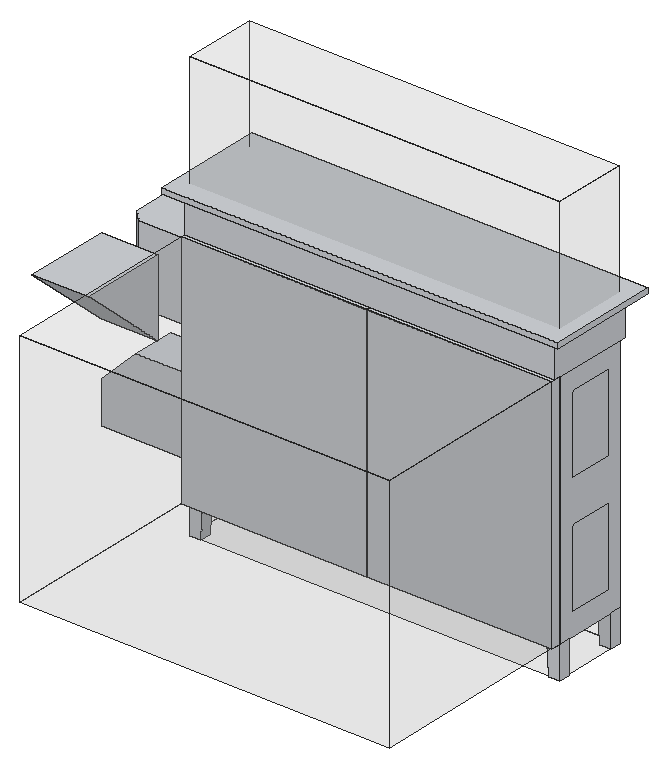
Revit family "AHU 3 _6", category Mechanické zařízení, Revit 2018
Family settings
  Kóta kulaté spojky = Použít průměr
  Typ dílu = Normální
  Číslo OmniClass = 23.75.00.00
  Nadpis OmniClass = Climate Control (HVAC)
  Založené na pracovní rovině = Ne
  Vždy vertikální = Ano
  Ořezat dutým tvarem při načtení = Ne
  Sdílené = Ne
  Bod výpočtu místnosti = Ne
Parameters (values of type "DUPLEXVENT Flexi (3G) DV1100 (RD5)")
  Width [instance] = 0.39 mm
  Weight [instance] = 192.00 kg
  URL = ""
  Type [instance] = "DUPLEXVENT Flexi (3G) DV1100 (RD5)"
  Total_SFP [instance] = 0
  Supply_outlet_hum [instance] = 27.1
  Supply_inlet_hum [instance] = 90
  Supply_ext_pressure [instance] = 200.0 Pa
  Supply_SFP [instance] = 0
  Source_adu_file [instance] = "C:\\\\Users\\\\dgavril\\\\OneDrive - Airflow Developments Ltd\\\\Desktop\\\\adu durley chine V4.adu"
  Recuperation_type [instance] = "Plate heat recovery exchanger"
  Recuperation_efficiency_EN308 [instance] = 77
  Project_name [instance] = "Durley Chine Passivhaus"
  Project_date [instance] = "13-08-2021"
  Power_supply_fusing [instance] = "0"
  Power_supply_cable [instance] = "0"
  Position [instance] = "AHU 3 "
  Phases_count [instance] = 1
  Panel_thickness [instance] = 0.06 mm
  Outer_surface [instance] = "RAL 9002"
  Length [instance] = 1.7 mm
  Insulation_type [instance] = "PUR"
  Insulation_thickness [instance] = 0.05 mm
  Installation_environment [instance] = ""
  Input_power_max [instance] = 770 W
  Inner_surface [instance] = "Pozink"
  I2 [instance] = I1  # 0.0 L/s
  Height [instance] = 1.1 mm
  Exhaust_outlet_hum [instance] = 96.2
  Exhaust_inlet_hum [instance] = 40
  Exhaust_ext_pressure [instance] = 200.0 Pa
  Exhaust_SFP [instance] = 0
  E1 [instance] = E2 - M1  # 0.0 L/s
  E2 [instance] = 0.0 L/s
  I1 [instance] = 0.0 L/s
  Description = ""
  M1 [instance] = 0.0 L/s
  Device_dutypoint_version [instance] = "10"
  Device_design_version [instance] = "30"
  Device_adu_id [instance] = "6"
  Current_max [instance] = 5 A
  Casing_mat [instance] = "painted zinc layer"
  Cable type [instance] = "CYKY 5Jx2,5"
Reference planes
  plane 1 "Střed (vpředu/vzadu)": y = 0
  plane 2 "ref": z = 0
  plane 3 "Střed (vlevo/vpravo)": x = 0
Forms (mm)
  Sweep 1, solid
    path origin (0, 0, 0) x (0, 0, 1) y (1, 0, 0)
      loop
        line (0, 0) -> (1100, 0)
    profile origin (0, 0, 0) x (1, 0, 0) y (0, 1, 0)
      loop
        line (0, 0) -> (1700, 0) -> (1700, 345) -> (0, 345) -> (0, 0)
  Sweep 2, solid
    path origin (0, 0, 0) x (0, 0, 1) y (1, 0, 0)
      loop
        line (0, 0) -> (1100, 0)
    profile origin (0, 0, 0) x (1, 0, 0) y (0, 1, 0)
      loop
        line (0, 0) -> (0, -45) -> (1700, -45) -> (1700, 0) -> (0, 0)
  Sweep 3, solid
    path origin (-233, 275, 282) x (1, 0, 0) y (0, 1, 0)
      loop
        line (0, 0) -> (0, -200)
    profile origin (-233, 275, 282) x (1, 0, 0) y (0, 0, 1)
      loop
        line (233, 177) -> (-73, 177) -> (-233, 18) -> (-233, -177) -> (233, -177) -> (233, 177)
  Sweep 4, solid
    path origin (0, 0, 105) x (0, 0, 1) y (1, 0, 0)
      loop
        line (0, 0) -> (355, 0)
    profile origin (0, 0, 105) x (1, 0, 0) y (0, 1, 0)
      loop
        line (-1, 75) -> (0, 75) -> (0, 275) -> (-1, 275) -> (-1, 75)
  Sweep 5, solid
    path origin (1699, 175, 833) x (1, 0, 0) y (0, 1, 0)
      loop
        line (0, 0) -> (1, 0)
    profile origin (1699, 175, 833) x (0, 1, 0) y (0, 0, 1)
      loop
        line (-100, 177) -> (-100, -177) -> (100, -177) -> (100, 177) -> (-100, 177)
  Sweep 6, solid
    path origin (1699, 175, 282) x (1, 0, 0) y (0, 1, 0)
      loop
        line (0, 0) -> (1, 0)
    profile origin (1699, 175, 282) x (0, 1, 0) y (0, 0, 1)
      loop
        line (-100, 177) -> (-100, -177) -> (100, -177) -> (100, 177) -> (-100, 177)
  Sweep 7, solid
    path origin (-172, 175, 655) x (0, 0, 1) y (1, 0, 0)
      loop
        line (0, 0) -> (355, 0)
    profile origin (-172, 175, 655) x (1, 0, 0) y (0, 1, 0)
      loop
        line (172, 100) -> (86, 100) -> (86, 250) -> (-172, 250) -> (-172, -50) -> (-122, -100) -> (172, -100) -> (172, 100)
  Sweep 8, solid
    path origin (-86, 175, 833) x (0, 1, 0) y (-1, 0, 0)
      loop
        line (0, 0) -> (0, 259)
    profile origin (-86, 175, 833) x (0, -1, 0) y (0, 0, 1)
      loop
        line (250, -177) -> (650, 177) -> (250, 177) -> (250, -177)
  Sweep 9, solid
    path origin (0, 0, 655) x (0, 0, 1) y (1, 0, 0)
      loop
        line (0, 0) -> (355, 0)
    profile origin (0, 0, 655) x (1, 0, 0) y (0, 1, 0)
      loop
        line (-1, 75) -> (0, 75) -> (0, 275) -> (-1, 275) -> (-1, 75)
  Sweep 10, solid
    path origin (0, 0, 1275) x (0, 0, 1) y (1, 0, 0)
      loop
        line (0, 0) -> (25, 0)
    profile origin (0, 0, 1275) x (1, 0, 0) y (0, 1, 0)
      loop
        line (-60, -85) -> (1760, -85) -> (1760, 430) -> (-60, 430) -> (-60, -85)
  Sweep 11, solid
    path origin (0, 0, 1100) x (0, 0, 1) y (1, 0, 0)
      loop
        line (0, 0) -> (175, 0)
    profile origin (0, 0, 1100) x (1, 0, 0) y (0, 1, 0)
      loop
        line (0, -28) -> (1700, -28) -> (1700, 372) -> (0, 372) -> (0, -28)
  Sweep 12, solid
    path origin (535, 100, 0) x (0, -1, 0) y (0, 0, 1)
      loop
        line (0, 0) -> (0, -30)
    profile origin (535, 100, 0) x (-1, 0, 0) y (0, -1, 0)
      loop
        circle (0, 0) r 16
  Sweep 13, solid, material "Servisní prostor"
    path origin (0, 0, 0) x (0, 0, 1) y (1, 0, 0)
      loop
        line (0, 0) -> (1100, 0)
    profile origin (0, 0, 0) x (1, 0, 0) y (0, 1, 0)
      loop
        line (0, -975) -> (1700, -975) -> (1700, -45) -> (0, -45) -> (0, -975)
  Sweep 14, solid, material "Servisní prostor"
    path origin (0, 0, 1100) x (0, 0, 1) y (1, 0, 0)
      loop
        line (0, 0) -> (720, 0)
    profile origin (0, 0, 1100) x (1, 0, 0) y (0, 1, 0)
      loop
        line (0, 0) -> (1700, 0) -> (1700, 345) -> (0, 345) -> (0, 0)
  Sweep 15, solid, material "Servisní prostor"
    path origin (0, 0, -150) x (0, 0, 1) y (1, 0, 0)
      loop
        line (0, 0) -> (150, 0)
    profile origin (0, 0, -150) x (1, 0, 0) y (0, 1, 0)
      loop
        line (0, 345) -> (0, 0) -> (1700, 0) -> (1700, 345) -> (0, 345)
  Sweep 16, solid
    path origin (0, 0, 0) x (0, 0, 1) y (1, 0, 0)
      loop
        line (0, 0) -> (1100, 0)
    profile origin (0, 0, 0) x (1, 0, 0) y (0, 1, 0)
      loop
        line (0, -45) -> (850, -45) -> (850, -5) -> (0, -5) -> (0, -45)
  Sweep 17, solid
    path origin (0, 0, 0) x (0, 0, 1) y (1, 0, 0)
      loop
        line (0, 0) -> (1100, 0)
    profile origin (0, 0, 0) x (1, 0, 0) y (0, 1, 0)
      loop
        line (850, -45) -> (1700, -45) -> (1700, -5) -> (850, -5) -> (850, -45)
  Sweep 18, solid
    path origin (25, 50, 0) x (1, 0, 0) y (0, 1, 0)
      loop
        line (0, 0) -> (0, -50)
    profile origin (25, 50, 0) x (1, 0, 0) y (0, 0, 1)
      loop
        line (-25, 0) -> (-25, -150) -> (25, -150) -> (35, 0) -> (-25, 0)
  Sweep 19, solid
    path origin (1675, 50, 0) x (1, 0, 0) y (0, 1, 0)
      loop
        line (0, 0) -> (0, -50)
    profile origin (1675, 50, 0) x (1, 0, 0) y (0, 0, 1)
      loop
        line (-35, 0) -> (-25, -150) -> (25, -150) -> (25, 0) -> (-35, 0)
  Sweep 20, solid
    path origin (25, 345, 0) x (1, 0, 0) y (0, 1, 0)
      loop
        line (0, 0) -> (0, -50)
    profile origin (25, 345, 0) x (1, 0, 0) y (0, 0, 1)
      loop
        line (-25, 0) -> (-25, -150) -> (25, -150) -> (35, 0) -> (-25, 0)
  Sweep 21, solid
    path origin (1675, 345, 0) x (1, 0, 0) y (0, 1, 0)
      loop
        line (0, 0) -> (0, -50)
    profile origin (1675, 345, 0) x (1, 0, 0) y (0, 0, 1)
      loop
        line (-35, 0) -> (-25, -150) -> (25, -150) -> (25, 0) -> (-35, 0)
  Sweep 22, solid
    path origin (0, 0, 1100) x (0, 0, 1) y (1, 0, 0)
      loop
        line (0, 0) -> (125, 0)
    profile origin (0, 0, 1100) x (1, 0, 0) y (0, 1, 0)
      loop
        line (485, 45) -> (1140, 45) -> (1140, 235) -> (485, 235) -> (485, 45)
  Sweep 23, solid
    path origin (485, 140, 1163) x (0, 0, -1) y (1, 0, 0)
      loop
        line (0, 0) -> (0, -1)
    profile origin (485, 140, 1163) x (0, 0, -1) y (0, -1, 0)
      loop
        circle (0, 0) r 10
Lines and regions (mm)
  model lines, style "Symbol"
    curve 1: line (950, -45, 0) -> (950, -45, 220)
    curve 2: line (950, -45, 1100) -> (950, -45, 880)
    curve 3: line (0, -45, 550) -> (620, -45, 550)
    curve 4: line (1700, -45, 550) -> (1280, -45, 550)
    curve 5: line (620, -45, 550) -> (785, -45, 880)
    curve 6: line (785, -45, 880) -> (1115, -45, 880)
    curve 7: line (1115, -45, 880) -> (1280, -45, 550)
    curve 8: line (1280, -45, 550) -> (1115, -45, 220)
    curve 9: line (1115, -45, 220) -> (950, -45, 220)
    curve 10: line (950, -45, 220) -> (785, -45, 220)
    curve 11: line (785, -45, 220) -> (620, -45, 550)
    curve 12: line (1458, -45, 903) -> (1634, -45, 873)
    curve 13: line (1458, -45, 747) -> (1634, -45, 777)
    curve 14: line (242, -45, 747) -> (66, -45, 777)
    curve 15: line (242, -45, 903) -> (66, -45, 873)
    curve 16: line (153, -45, 110) -> (153, -45, 440)
    curve 17: line (153, -45, 440) -> (255, -45, 440)
    curve 18: line (255, -45, 440) -> (255, -45, 110)
    curve 19: line (255, -45, 110) -> (153, -45, 110)
    curve 20: line (204, -45, 110) -> (255, -45, 275)
    curve 21: line (204, -45, 440) -> (255, -45, 275)
    curve 22: line (1547, -45, 440) -> (1547, -45, 110)
    curve 23: line (1547, -45, 110) -> (1445, -45, 110)
    curve 24: line (1445, -45, 110) -> (1445, -45, 440)
    curve 25: line (1445, -45, 440) -> (1547, -45, 440)
    curve 26: line (1496, -45, 440) -> (1445, -45, 275)
    curve 27: line (1496, -45, 110) -> (1445, -45, 275)
    curve 28: line (725, -45, 192) -> (576, -45, 487)
    curve 29: line (576, -45, 487) -> (625, -45, 512)
    curve 30: line (625, -45, 512) -> (774, -45, 217)
    curve 31: line (774, -45, 217) -> (725, -45, 192)
    curve 32: line (635, -45, 381) -> (655, -45, 440)
    curve 33: line (695, -45, 264) -> (715, -45, 323)
    curve 34: line (0, -45, 0) -> (850, -45, 0)
    curve 35: line (0, -45, 1100) -> (850, -45, 1100)
    curve 36: line (0, -45, 0) -> (0, -45, 1100)
    curve 37: line (850, -45, 0) -> (850, -45, 1100)
    curve 38: line (0, -45, 0) -> (0, -5, 0)
    curve 39: line (850, -45, 0) -> (850, -5, 0)
    curve 40: line (0, -45, 1100) -> (0, -5, 1100)
    curve 41: line (850, -45, 1100) -> (850, -5, 1100)
    curve 42: line (850, -45, 0) -> (1700, -45, 0)
    curve 43: line (850, -45, 1100) -> (1700, -45, 1100)
    curve 44: line (850, -45, 0) -> (850, -45, 1100)
    curve 45: line (1700, -45, 0) -> (1700, -45, 1100)
    curve 46: line (850, -45, 0) -> (850, -5, 0)
    curve 47: line (1700, -45, 0) -> (1700, -5, 0)
    curve 48: line (850, -45, 1100) -> (850, -5, 1100)
    curve 49: line (1700, -45, 1100) -> (1700, -5, 1100)
    curve 50: circle (1535, -45, 825) r 110 normal (0, -1, 0)
    curve 51: circle (165, -45, 825) r 110 normal (0, -1, 0)
    curve 52: circle (645, -45, 411) r 8 normal (0, -1, 0)
    curve 53: circle (705, -45, 293) r 8 normal (0, -1, 0)
Dimensions and locks
  aligned and locked: level to plane 2 "ref"
Connectors
  hvac at (-0.5, 175, 460), driven by "E1"
    settings: on Sweep 4, index 1, duct flow 0.0 L/s, flow factor 0, pres drop 0.0 Pa, loss coef 0, conn angle 0.00°, conn width 10 mm, conn height 10 mm, conn diameter 609.6 mm, duct sys type 1, conn prof type 1, flow config 1, flow direction 1, loss method 0, conn ref index -1, conn util no, is conn primary yes, conn desc ""
  hvac at (1700, 175, 833), driven by "E2"
    settings: on Sweep 5, index 2, duct flow 0.0 L/s, flow factor 1, pres drop 0.0 Pa, loss coef 0, conn angle 0.00°, conn width 200 mm, conn height 355 mm, conn diameter 609.6 mm, duct sys type 1, conn prof type 1, flow config 2, flow direction 2, loss method 0, conn ref index -1, conn util no, is conn primary no, conn desc ""
  hvac at (1700, 175, 282), driven by "I1"
    settings: on Sweep 6, index 3, duct flow 0.0 L/s, flow factor 1, pres drop 0.0 Pa, loss coef 0, conn angle 0.00°, conn width 200 mm, conn height 355 mm, conn diameter 609.6 mm, duct sys type 3, conn prof type 1, flow config 2, flow direction 1, loss method 0, conn ref index -1, conn util no, is conn primary no, conn desc ""
  hvac at (-0.5, 175, 1010), driven by "I2"
    settings: on Sweep 9, index 4, duct flow 0.0 L/s, flow factor 0, pres drop 0.0 Pa, loss coef 0, conn angle 0.00°, conn width 10 mm, conn height 10 mm, conn diameter 609.6 mm, duct sys type 3, conn prof type 1, flow config 1, flow direction 2, loss method 0, conn ref index -1, conn util no, is conn primary no, conn desc ""
  piping at (535, 100, -30), diameter 22
    settings: on Sweep 12, index 5, connector inside diameter 609.6 mm, connector length 0 mm, flow factor 0, pipe flow 0.0 L/s, pressure drop 0.0 Pa, fitting loss kfactor 0, connector angle 0.00°, fixture units 0, engagement length 0 mm, angle of deflection 0.00°, flow configuration 1, flow direction 2, fitting loss method 0, system type 16, joint type 0, gender type 0, connector reference index -1, connector utility 0, adjustable connector no, is connector primary yes, connector description ""
  electrical at (484, 140, 1163)
    settings: on Sweep 23, index 6, voltage 230 V, apparent load 0 VA, apparent load phase1 0 VA, apparent load phase2 0 VA, apparent load phase3 0 VA, power factor 1, load classification "Další", number of poles 1, system type 31, power factor state 1, is connector primary yes, connector utility no, sub classification motor no, connector description ""
